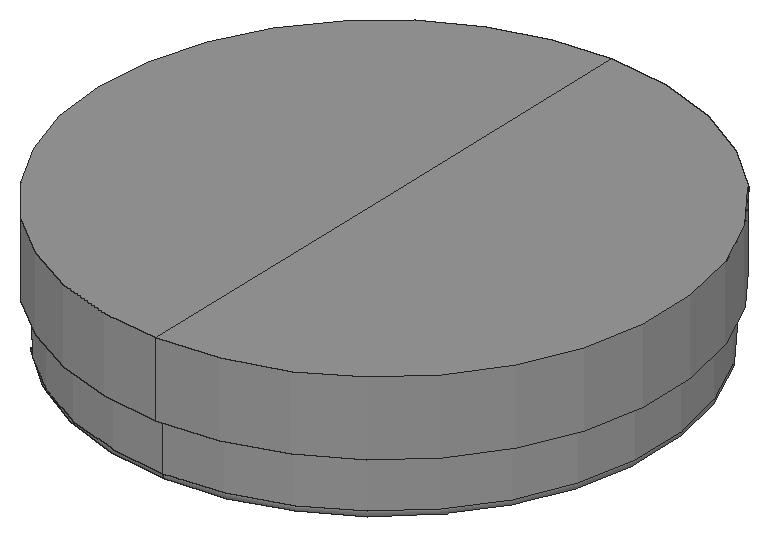
Revit family "IVLB_PML_LF_Dura 270mm CM_Plastic", category Lighting Fixtures, Revit 2019
Family settings
  Round Connector Dimension = Use Diameter
  Part Type = Normal
  OmniClass Number = 23.80.70.11.11
  OmniClass Title = General Luminaries, Non Directional
  Work Plane-Based = No
  Always vertical = Yes
  Cut with Voids When Loaded = No
  Light Source = Yes
  Shared = No
  Room Calculation Point = Yes
Parameters (values of type "Dura-S Ø270 IP64 IK10 9W 3000K-3500K-4000K 3-CCT DALI")
  Wattage Comments = "9W"
  Wattage = 7.06871 W
  built-in parameter 1150110 = 1 (stored number, unit not read)
  Voltage = 230 V
  URL = "https://www.pragmalux.com/"
  Type Comments = "DALI"
  built-in parameter 1114217 = 1 (stored number, unit not read)
  Tilt Angle = 90.00°
  built-in parameter 1150109 = 1 (stored number, unit not read)
  built-in parameter 1150134 = 12
  Symbol_Waterproof [instance] = no
  Symbol_Emergency Lighting [instance] = no
  Switch Code [instance] = ""
  built-in parameter 1150113 = 1 (stored number, unit not read)
  Photometric Web File = "Dura-S Ø270 IP64 IK10 9W 3000K-3500K-4000K 3-CCT DALI_LDT.ies"
  built-in parameter 1150142 = "IESNA91\r\n[MANUFAC]  Pragmalux\r\n[LUMINAIRE] LED Plafonnière Wandarmatuur Dura-S Wit Ø270 IP64 IK10 9W 3000K-3500K-4000K 3-CCT DALI\r\n[LAMP] 1x(LED 9W 1050lm 3000K) or 1x(LED 9W 1100lm 3500K) or 1x(LED 9W 1100lm 4000K)\r\n[_CHANGED] file converted from LDT by IES Viewer 3.6 (C) Andrey Legotin\r\nTILT=NONE\r\n1 1050 1.05 181 5 1 2 0 -0.27 0\r\n1 1 9\r\n0 1 2 3 4 5 6 7 8 9 10 11 12 13 14 15 16 17 18 19 20 21 22 23 24 25 26 27 28 \r\n29 30 31 32 33 34 35 36 37 38 39 40 41 42 43 44 45 46 47 48 49 50 51 52 53 54 \r\n55 56 57 58 59 60 61 62 63 64 65 66 67 68 69 70 71 72 73 74 75 76 77 78 79 80 \r\n81 82 83 84 85 86 87 88 89 90 91 92 93 94 95 96 97 98 99 100 101 102 103 104 \r\n105 106 107 108 109 110 111 112 113 114 115 116 117 118 119 120 121 122 123 \r\n124 125 126 127 128 129 130 131 132 133 134 135 136 137 138 139 140 141 142 \r\n143 144 145 146 147 148 149 150 151 152 153 154 155 156 157 158 159 160 161 \r\n162 163 164 165 166 167 168 169 170 171 172 173 174 175 176 177 178 179 180 \r\n0 22.5 45 67.5 90 \r\n295.3 295.4 295.3 295.4 295 294.6 294.2 293.8 293.1 292.5 291.9 290.9 290.1 \r\n289.3 288.2 287 285.8 284.4 283.1 281.6 279.9 278.4 276.5 274.8 272.9 270.8 \r\n268.7 266.6 264.4 261.9 259.5 257.1 254.4 251.8 249 246.2 243.4 240.3 237.3 \r\n234 230.9 227.5 224.2 220.7 217 213.5 209.8 206 202.3 198.3 194.4 190.3 186.3 \r\n182.2 178 173.9 169.7 165.2 160.9 156.3 151.7 147.1 142.5 137.8 133.1 128.3 \r\n123.5 118.6 113.7 108.9 104 99.09 94.31 89.38 84.54 79.78 74.96 70.21 65.64 \r\n60.99 56.65 52.24 47.94 43.84 39.72 35.8 32.33 29.23 26.57 24.14 20.8 17.18 \r\n13.52 9.69 6.07 3.08 1.19 0.46 0.42 0.5 1.38 2.92 5.29 7.96 10.6 13.13 15.25 \r\n16.85 17.87 18.13 18.09 18.13 18.01 17.84 17.63 17.39 17.18 16.97 16.8 16.59 \r\n16.43 16.18 15.96 15.76 15.47 15.26 15.01 14.76 14.47 14.18 13.96 13.72 13.47 \r\n13.18 12.92 12.6 12.3 11.97 11.76 11.47 11.17 10.84 10.51 10.18 9.8 9.51 9.14 \r\n8.8 8.46 8.1 7.59 6.92 6.13 5.47 5.09 4.84 4.71 4.71 4.75 4.71 4.27 3.85 3.42 \r\n3.09 2.84 2.63 2.38 2.09 1.8 1.51 1.3 1.29 1.25 1.25 1.29 1.17 1.09 1.04 1.04 \r\n1.04 1.04 \r\n295.3 295.4 295.3 295.2 295 294.7 294.2 293.7 293.2 292.4 291.8 291 290 289.2 \r\n288 287.1 285.7 284.5 283.1 281.5 280.1 278.4 276.6 274.8 272.9 271 268.9 \r\n266.7 264.4 262.1 259.7 257.2 254.6 251.8 249.1 246.2 243.3 240.4 237.3 234 \r\n230.9 227.6 224.2 220.8 217.2 213.6 210 206.2 202.5 198.5 194.6 190.4 186.3 \r\n182.3 178.1 173.9 169.8 165.5 160.9 156.5 152 147.3 142.7 138 133.3 128.4 \r\n123.6 118.8 114 109.1 104.1 99.29 94.45 89.59 84.83 79.91 75.24 70.49 65.87 \r\n61.37 56.89 52.6 48.27 44.1 39.95 35.98 32.51 29.4 26.59 24.2 21.15 17.65 \r\n13.91 9.8 5.92 2.9 1.05 1.11 1.16 1.22 1.27 1.32 3 5.08 7.32 9.66 11.71 13.19 \r\n13.85 14.01 14.06 14.06 14.06 14.07 14.07 14.07 14.08 14.08 14.08 14.09 14.09 \r\n14.09 14.1 14.1 13.93 13.81 13.68 13.47 13.31 13.09 12.89 12.72 12.55 12.34 \r\n12.1 11.89 11.63 11.35 11.13 10.84 10.59 10.34 10.09 9.8 9.54 9.25 9 8.66 \r\n8.34 7.84 7.16 6.42 5.82 5.49 5.23 5.06 5.1 5.06 5.06 4.7 4.35 4.07 3.81 3.52 \r\n3.27 3.1 2.89 2.68 2.35 2.02 1.88 1.88 1.63 1.22 1.01 1 1 1 1 1 1 \r\n295.3 295.4 295.4 295.2 294.9 294.7 294.3 293.7 293.1 292.5 291.7 291 290 \r\n289.2 288.2 287 285.8 284.6 283.2 281.6 280 278.6 276.7 274.9 272.9 271 269 \r\n266.7 264.5 262.1 259.7 257.3 254.7 251.9 249.3 246.4 243.4 240.5 237.2 234.4 \r\n230.9 227.7 224.4 220.9 217.2 213.8 210 206.2 202.5 198.5 194.7 190.5 186.5 \r\n182.5 178.3 174.2 170 165.6 161.2 156.6 152.1 147.4 142.9 138.1 133.3 128.7 \r\n123.7 119.1 114.1 109.2 104.2 99.53 94.64 89.68 84.85 80 75.35 70.57 65.93 \r\n61.38 56.9 52.6 48.21 44.08 39.87 35.82 32.26 29 26.12 23.53 21.1 17.5 12.56 \r\n7.11 2.92 0.97 0.75 1.99 3.1 3.87 4.59 5.12 5.47 5.89 6.09 6.18 6.18 6.22 \r\n6.35 6.56 6.76 7.06 7.3 7.56 7.73 7.97 8.06 8.19 8.35 8.52 8.59 8.65 8.72 \r\n8.79 8.85 8.94 8.98 8.96 8.93 8.91 8.88 8.86 8.83 8.81 8.78 8.76 8.73 8.61 \r\n8.48 8.36 8.27 8.07 7.9 7.65 7.19 6.69 6.24 6.06 5.89 5.81 5.75 5.69 5.62 \r\n5.56 5.5 5.44 5.1 4.8 4.52 4.18 3.93 3.72 3.51 3.31 3.1 2.93 2.72 2.55 2.46 \r\n2.26 2.01 1.84 1.76 1.46 1.09 0.96 0.96 0.96 0.96 0.96 0.96 \r\n295.3 295.2 295.3 295.3 295 294.6 294.2 293.8 293.1 292.5 291.7 291 290.2 \r\n289.3 288.2 287.1 286 284.5 283.2 281.7 280.1 278.4 276.9 274.8 273 271 269 \r\n266.7 264.5 262.1 259.6 257.2 254.4 252 249.1 246.5 243.4 240.4 237.2 234 \r\n230.9 227.5 224.2 220.8 217.1 213.6 209.8 206.2 202.4 198.5 194.5 190.4 186.4 \r\n182.4 178.1 174 169.7 165.4 160.8 156.5 151.8 147.2 142.6 137.8 133.1 128.2 \r\n123.5 118.7 113.8 108.9 104 99.22 94.3 89.47 84.57 79.7 75 70.21 65.64 60.97 \r\n56.57 52.14 47.89 43.7 39.52 35.49 31.7 28.35 25.42 22.82 20.35 15.44 6.69 \r\n0.88 0.55 2.56 7.37 9.33 9.48 8.91 8.12 7.38 6.75 6.24 5.78 5.41 5.08 4.75 \r\n4.45 4.16 3.95 3.71 3.54 3.45 3.45 3.48 3.52 3.55 3.58 3.62 3.83 3.95 4.07 \r\n4.28 4.45 4.61 4.7 4.78 4.8 4.81 4.83 4.85 4.86 4.88 4.89 4.91 4.93 4.94 5.24 \r\n5.32 5.26 5.19 5.12 5.06 4.99 4.92 4.86 4.79 4.2 3.75 3.66 3.54 3.37 3.36 \r\n3.35 3.34 3.32 3.31 3.3 3.29 3.16 3 2.95 2.83 2.75 2.66 2.5 2.29 2.04 1.88 \r\n1.71 1.5 1.25 1.05 0.96 0.96 0.96 0.96 0.96 0.96 0.96 \r\n295.3 295.3 295.3 295.3 295 294.7 294.3 293.8 293.2 292.4 291.9 291.2 290.2 \r\n289.3 288.1 287.1 285.9 284.5 283.3 281.8 280.2 278.5 276.7 275 273.1 270.9 \r\n269.1 266.7 264.4 262.2 259.7 257.2 254.6 252 249.2 246.4 243.5 240.4 237.3 \r\n234.3 230.9 227.6 224.2 220.7 217.3 213.6 209.8 206.2 202.4 198.4 194.6 190.5 \r\n186.4 182.3 178.2 174.1 169.7 165.3 160.9 156.4 151.8 147.1 142.6 137.9 133 \r\n128.3 123.5 118.6 113.7 108.8 103.8 99.12 94.1 89.24 84.33 79.46 74.78 69.96 \r\n65.23 60.72 56.28 51.92 47.53 43.29 39.16 35.11 31.37 28 25.06 22.51 20.37 \r\n15.14 5.53 0.55 0.46 2.14 9.15 12.35 11.89 11.06 10.21 9.36 8.52 7.75 7.04 \r\n6.4 5.75 5.16 4.55 3.96 3.41 2.91 2.46 2.04 1.59 1.33 1.29 1.21 1.04 0.96 \r\n0.92 0.87 0.83 0.79 0.75 0.79 1.2 1.57 1.79 1.95 1.99 2 2.04 2.08 2.33 2.53 \r\n2.49 2.45 2.41 2.37 2.33 1.88 1.3 1.16 1.16 1.45 1.9 2.48 2.74 2.72 2.7 2.68 \r\n2.66 2.64 2.62 2.54 2.41 2.33 2.21 2.04 1.87 1.79 1.67 1.58 1.5 1.33 1.29 \r\n1.17 1.12 1.12 1.04 1.08 1.04 1 1 0.96 0.96 0.96 0.96 0.96 0.96 \r\n"
  Model = "Dura"
  Manufacturer = "Pragmalux - Distrilight"
  built-in parameter 1150105 = 295.4 (stored number, unit not read)
  Lumens = 1050 lm
  Luminaire_Body_Material = Select RGB value
  built-in parameter 1150115 = 1 (stored number, unit not read)
  Luminaire Code [instance] = ""
  Load Classification = Lighting
  built-in parameter 1150137 = (empty or 0)
  built-in parameter 1150139 = (empty or 0)
  built-in parameter 1150112 = 1 (stored number, unit not read)
  built-in parameter 1150114 = 1 (stored number, unit not read)
  Lamp = "LED"
  built-in parameter 1150132 = 2
  built-in parameter 1150102 = (empty or 0)
  built-in parameter 1150107 = 4000 (stored number, unit not read)
  built-in parameter 1150138 = (empty or 0)
  built-in parameter 1150106 = 2.954 (stored number, unit not read)
  IfcExportType = "USERDEFINED"
  IfcExportAs = "IfcLightFixtureType"
  IP Value = "IP64"
  IK Value = "IK10"
  Emit from Circle Diameter = 260 mm
  Emit Shape Visible in Rendering = no
  built-in parameter 1150104 = 13.8 (stored number, unit not read)
  Dimming Lamp Color Temperature Shift = <None>
  Description = "Surface Mounted"
  Content Creator = "www.ivlibrary.com"
  Color Filter = 16777215
  built-in parameter 1114218 = 1 (stored number, unit not read)
  built-in parameter 1150133 = 10 (stored number, unit not read)
  Assembly Code = "63.0"
  Apparent Load = 9 VA
Reference planes
  plane 1 "Center (Front/Back)": y = 0
  plane 2: z = 0
  plane 3 "Center (Left/Right)": x = 0
Dimensions and locks
  aligned and locked: level to plane 2
Nested families
  nested 1: "Symbol_ToScale" at (0, 0, 0), Emergency Lighting <- "Symbol_Emergency Lighting", Waterproof <- "Symbol_Waterproof", type "Symbol 350mm"
    with Waterproof no, Wall mounted no, Lighting Fixture yes, Emergency Lighting no
  nested 2: "Dura" at (0, 0, 0) x (0, -1, 0) z (0, 0, 1), Housing_Material <- "Luminaire_Body_Material", type "Dura"
    with Housing_Material Select RGB value
Connectors
  electrical at (0, 0, 0), driven by "Apparent Load", driven by "Load Classification", driven by "Voltage"
    settings: index 1, voltage 230 V, apparent load 0 VA, apparent load phase1 9 VA, apparent load phase2 0 VA, apparent load phase3 0 VA, power factor 1, load classification "Lighting", number of poles 1, system type 31, power factor state 1, is connector primary yes, connector utility no, sub classification motor no, connector description ""
Definition of nested family "Dura"
  Parameters (values of type "VenusG2")
    URL = ""
    Type Comments = ""
    Model = "VenusG2"
    Manufacturer = "Pragmalux"
    Housing_Material [instance] = none
    Description = "Surface Mounted"
    Default Elevation = 1219.2 mm
    Copyright © IVLighting = "www.ivlibrary.com"
    Assembly Code = "63.0"
  Reference planes
    plane 1 "Center (Front/Back)": y = 0
    plane 2: z = 0
    plane 3 "Center (Left/Right)": x = 0
  Forms (mm)
    Revolve 1, solid, material <- "Housing_Material"
      sketch origin (0, 0, 0) x (1, 0, 0) y (0, 0, 1)
        loop
          line (-135, 0) -> (-135, -35) -> (0, -35) -> (0, 0) -> (-135, 0)
        axis (0, 0) -> (0, -35)
      angle from 0 to 360
    Revolve 2, solid
      sketch origin (0, 0, 0.938) x (1, 0, 0) y (0, 0, 1)
        loop
          line (0, -63.938) -> (0, -35.938) -> (-130.841, -35.937) -> (-130.841, -60.18)
          arc (-130.841, -60.18) -> (-129.74, -62.837) -> (-127.084, -63.937) r 3.757
          line (-127.084, -63.937) -> (0, -63.938)
        axis (0, -35.938) -> (0, -63.938)
      angle from 0 to 360
  Dimensions and locks
    aligned and locked: level to plane 2
Definition of nested family "Symbol_ToScale"
  Parameters (values of type "Symbol 350mm")
    Waterproof [instance] = no
    Wall mounted [instance] = no
    Lighting Fixture [instance] = yes
    Emergency Lighting [instance] = no
  Reference planes
    plane 1: y = 0
    plane 2: x = 0
  Lines and regions (mm)
    Filled region 1, type "Emergency Lighting", visible <- "Waterproof"
      outline origin (5.15, 1.04, 0) x (1, 0, 0) y (0, 1, 0)
        loop
          arc (-6.466, -1.34) -> (-5.15, -2.39) -> (-3.834, -1.34) r 1.35
          line (-3.834, -1.34) -> (-6.466, -1.34)
    Filled region 2, type "Emergency Lighting", visible <- "Emergency Lighting"
      outline origin (-5.15, 1.04, 0) x (0, 1, 0) y (-1, 0, 0)
        loop
          line (-1.04, -5.15) -> (-1.995, -6.105)
          arc (-1.995, -6.105) -> (-1.04, -6.5) -> (-0.086, -6.105) r 1.35
          line (-0.086, -6.105) -> (-1.04, -5.15)
    Filled region 3, type "Emergency Lighting", visible <- "Emergency Lighting"
      outline origin (5.15, 1.04, 0) x (1, 0, 0) y (0, 1, 0)
        loop
          line (-5.15, -1.04) -> (-6.105, -0.086)
          arc (-6.105, -0.086) -> (-6.5, -1.04) -> (-6.105, -1.995) r 1.35
          line (-6.105, -1.995) -> (-5.15, -1.04)
    detail lines, visible <- "Lighting Fixture"
      curve 1: circle (0, 0, 0) r 1.35 normal (0, 0, 1)
    detail lines, visible <- "Waterproof"
      curve 2: circle (0, 0, 0) r 1.35 normal (0, 0, 1)
    detail lines, visible <- "Emergency Lighting"
      curve 3: circle (0, 0, 0) r 1.35 normal (0, 0, 1)
Types (4, lengths in mm): name | Wattage | Type Comments | built-in parameter 1150134 | Photometric Web File | built-in parameter 1150142 | built-in parameter 1150105 | Lumens | built-in parameter 1150107 | built-in parameter 1150106
  Dura-S Ø270 IP64 IK10 4-9W 375-1000lm 2200K-2700K 2-CCT | 6.7321 W | 0 | (empty or 0) | "Dura-S Ø270 IP64 IK10 4-9W 375-1000lm 2200K-2700K 2-CCT_LDT.ies" | "IESNA91\r\n[MANUFAC]  Pragmalux\r\n[LUMINAIRE] LED Plafonnière Wandarmatuur Dura-S Wit Ø270 IP64 IK10 4-9W 375-1000lm 2200K-2700K 2-CCT\r\n[LAMP] 1x(LED 9W 825lm 2200K) or 1x(LED 9W 1000lm 2700K) or 1x(LED 7W 650lm 2200K) or 1x(LED 7W 775lm 2700K) or 1x(LED 6W 525lm 2200K) or 1x(LED 6W 625lm 2700K) or 1x(LED 4W 375lm 2200K) or 1x(LED 4W 425lm 2700K)\r\n[_CHANGED] file converted from LDT by IES Viewer 3.6 (C) Andrey Legotin\r\nTILT=NONE\r\n1 825 0.825 181 5 1 2 0 -0.27 0\r\n1 1 9\r\n0 1 2 3 4 5 6 7 8 9 10 11 12 13 14 15 16 17 18 19 20 21 22 23 24 25 26 27 28 \r\n29 30 31 32 33 34 35 36 37 38 39 40 41 42 43 44 45 46 47 48 49 50 51 52 53 54 \r\n55 56 57 58 59 60 61 62 63 64 65 66 67 68 69 70 71 72 73 74 75 76 77 78 79 80 \r\n81 82 83 84 85 86 87 88 89 90 91 92 93 94 95 96 97 98 99 100 101 102 103 104 \r\n105 106 107 108 109 110 111 112 113 114 115 116 117 118 119 120 121 122 123 \r\n124 125 126 127 128 129 130 131 132 133 134 135 136 137 138 139 140 141 142 \r\n143 144 145 146 147 148 149 150 151 152 153 154 155 156 157 158 159 160 161 \r\n162 163 164 165 166 167 168 169 170 171 172 173 174 175 176 177 178 179 180 \r\n0 22.5 45 67.5 90 \r\n295.3 295.4 295.3 295.4 295 294.6 294.2 293.8 293.1 292.5 291.9 290.9 290.1 \r\n289.3 288.2 287 285.8 284.4 283.1 281.6 279.9 278.4 276.5 274.8 272.9 270.8 \r\n268.7 266.6 264.4 261.9 259.5 257.1 254.4 251.8 249 246.2 243.4 240.3 237.3 \r\n234 230.9 227.5 224.2 220.7 217 213.5 209.8 206 202.3 198.3 194.4 190.3 186.3 \r\n182.2 178 173.9 169.7 165.2 160.9 156.3 151.7 147.1 142.5 137.8 133.1 128.3 \r\n123.5 118.6 113.7 108.9 104 99.09 94.31 89.38 84.54 79.78 74.96 70.21 65.64 \r\n60.99 56.65 52.24 47.94 43.84 39.72 35.8 32.33 29.23 26.57 24.14 20.8 17.18 \r\n13.52 9.69 6.07 3.08 1.19 0.46 0.42 0.5 1.38 2.92 5.29 7.96 10.6 13.13 15.25 \r\n16.85 17.87 18.13 18.09 18.13 18.01 17.84 17.63 17.39 17.18 16.97 16.8 16.59 \r\n16.43 16.18 15.96 15.76 15.47 15.26 15.01 14.76 14.47 14.18 13.96 13.72 13.47 \r\n13.18 12.92 12.6 12.3 11.97 11.76 11.47 11.17 10.84 10.51 10.18 9.8 9.51 9.14 \r\n8.8 8.46 8.1 7.59 6.92 6.13 5.47 5.09 4.84 4.71 4.71 4.75 4.71 4.27 3.85 3.42 \r\n3.09 2.84 2.63 2.38 2.09 1.8 1.51 1.3 1.29 1.25 1.25 1.29 1.17 1.09 1.04 1.04 \r\n1.04 1.04 \r\n295.3 295.4 295.3 295.2 295 294.7 294.2 293.7 293.2 292.4 291.8 291 290 289.2 \r\n288 287.1 285.7 284.5 283.1 281.5 280.1 278.4 276.6 274.8 272.9 271 268.9 \r\n266.7 264.4 262.1 259.7 257.2 254.6 251.8 249.1 246.2 243.3 240.4 237.3 234 \r\n230.9 227.6 224.2 220.8 217.2 213.6 210 206.2 202.5 198.5 194.6 190.4 186.3 \r\n182.3 178.1 173.9 169.8 165.5 160.9 156.5 152 147.3 142.7 138 133.3 128.4 \r\n123.6 118.8 114 109.1 104.1 99.29 94.45 89.59 84.83 79.91 75.24 70.49 65.87 \r\n61.37 56.89 52.6 48.27 44.1 39.95 35.98 32.51 29.4 26.59 24.2 21.15 17.65 \r\n13.91 9.8 5.92 2.9 1.05 1.11 1.16 1.22 1.27 1.32 3 5.08 7.32 9.66 11.71 13.19 \r\n13.85 14.01 14.06 14.06 14.06 14.07 14.07 14.07 14.08 14.08 14.08 14.09 14.09 \r\n14.09 14.1 14.1 13.93 13.81 13.68 13.47 13.31 13.09 12.89 12.72 12.55 12.34 \r\n12.1 11.89 11.63 11.35 11.13 10.84 10.59 10.34 10.09 9.8 9.54 9.25 9 8.66 \r\n8.34 7.84 7.16 6.42 5.82 5.49 5.23 5.06 5.1 5.06 5.06 4.7 4.35 4.07 3.81 3.52 \r\n3.27 3.1 2.89 2.68 2.35 2.02 1.88 1.88 1.63 1.22 1.01 1 1 1 1 1 1 \r\n295.3 295.4 295.4 295.2 294.9 294.7 294.3 293.7 293.1 292.5 291.7 291 290 \r\n289.2 288.2 287 285.8 284.6 283.2 281.6 280 278.6 276.7 274.9 272.9 271 269 \r\n266.7 264.5 262.1 259.7 257.3 254.7 251.9 249.3 246.4 243.4 240.5 237.2 234.4 \r\n230.9 227.7 224.4 220.9 217.2 213.8 210 206.2 202.5 198.5 194.7 190.5 186.5 \r\n182.5 178.3 174.2 170 165.6 161.2 156.6 152.1 147.4 142.9 138.1 133.3 128.7 \r\n123.7 119.1 114.1 109.2 104.2 99.53 94.64 89.68 84.85 80 75.35 70.57 65.93 \r\n61.38 56.9 52.6 48.21 44.08 39.87 35.82 32.26 29 26.12 23.53 21.1 17.5 12.56 \r\n7.11 2.92 0.97 0.75 1.99 3.1 3.87 4.59 5.12 5.47 5.89 6.09 6.18 6.18 6.22 \r\n6.35 6.56 6.76 7.06 7.3 7.56 7.73 7.97 8.06 8.19 8.35 8.52 8.59 8.65 8.72 \r\n8.79 8.85 8.94 8.98 8.96 8.93 8.91 8.88 8.86 8.83 8.81 8.78 8.76 8.73 8.61 \r\n8.48 8.36 8.27 8.07 7.9 7.65 7.19 6.69 6.24 6.06 5.89 5.81 5.75 5.69 5.62 \r\n5.56 5.5 5.44 5.1 4.8 4.52 4.18 3.93 3.72 3.51 3.31 3.1 2.93 2.72 2.55 2.46 \r\n2.26 2.01 1.84 1.76 1.46 1.09 0.96 0.96 0.96 0.96 0.96 0.96 \r\n295.3 295.2 295.3 295.3 295 294.6 294.2 293.8 293.1 292.5 291.7 291 290.2 \r\n289.3 288.2 287.1 286 284.5 283.2 281.7 280.1 278.4 276.9 274.8 273 271 269 \r\n266.7 264.5 262.1 259.6 257.2 254.4 252 249.1 246.5 243.4 240.4 237.2 234 \r\n230.9 227.5 224.2 220.8 217.1 213.6 209.8 206.2 202.4 198.5 194.5 190.4 186.4 \r\n182.4 178.1 174 169.7 165.4 160.8 156.5 151.8 147.2 142.6 137.8 133.1 128.2 \r\n123.5 118.7 113.8 108.9 104 99.22 94.3 89.47 84.57 79.7 75 70.21 65.64 60.97 \r\n56.57 52.14 47.89 43.7 39.52 35.49 31.7 28.35 25.42 22.82 20.35 15.44 6.69 \r\n0.88 0.55 2.56 7.37 9.33 9.48 8.91 8.12 7.38 6.75 6.24 5.78 5.41 5.08 4.75 \r\n4.45 4.16 3.95 3.71 3.54 3.45 3.45 3.48 3.52 3.55 3.58 3.62 3.83 3.95 4.07 \r\n4.28 4.45 4.61 4.7 4.78 4.8 4.81 4.83 4.85 4.86 4.88 4.89 4.91 4.93 4.94 5.24 \r\n5.32 5.26 5.19 5.12 5.06 4.99 4.92 4.86 4.79 4.2 3.75 3.66 3.54 3.37 3.36 \r\n3.35 3.34 3.32 3.31 3.3 3.29 3.16 3 2.95 2.83 2.75 2.66 2.5 2.29 2.04 1.88 \r\n1.71 1.5 1.25 1.05 0.96 0.96 0.96 0.96 0.96 0.96 0.96 \r\n295.3 295.3 295.3 295.3 295 294.7 294.3 293.8 293.2 292.4 291.9 291.2 290.2 \r\n289.3 288.1 287.1 285.9 284.5 283.3 281.8 280.2 278.5 276.7 275 273.1 270.9 \r\n269.1 266.7 264.4 262.2 259.7 257.2 254.6 252 249.2 246.4 243.5 240.4 237.3 \r\n234.3 230.9 227.6 224.2 220.7 217.3 213.6 209.8 206.2 202.4 198.4 194.6 190.5 \r\n186.4 182.3 178.2 174.1 169.7 165.3 160.9 156.4 151.8 147.1 142.6 137.9 133 \r\n128.3 123.5 118.6 113.7 108.8 103.8 99.12 94.1 89.24 84.33 79.46 74.78 69.96 \r\n65.23 60.72 56.28 51.92 47.53 43.29 39.16 35.11 31.37 28 25.06 22.51 20.37 \r\n15.14 5.53 0.55 0.46 2.14 9.15 12.35 11.89 11.06 10.21 9.36 8.52 7.75 7.04 \r\n6.4 5.75 5.16 4.55 3.96 3.41 2.91 2.46 2.04 1.59 1.33 1.29 1.21 1.04 0.96 \r\n0.92 0.87 0.83 0.79 0.75 0.79 1.2 1.57 1.79 1.95 1.99 2 2.04 2.08 2.33 2.53 \r\n2.49 2.45 2.41 2.37 2.33 1.88 1.3 1.16 1.16 1.45 1.9 2.48 2.74 2.72 2.7 2.68 \r\n2.66 2.64 2.62 2.54 2.41 2.33 2.21 2.04 1.87 1.79 1.67 1.58 1.5 1.33 1.29 \r\n1.17 1.12 1.12 1.04 1.08 1.04 1 1 0.96 0.96 0.96 0.96 0.96 0.96 \r\n" | 79.577 (stored number, unit not read) | 1000 lm | 2700 (stored number, unit not read) | 0.79577 (stored number, unit not read)
